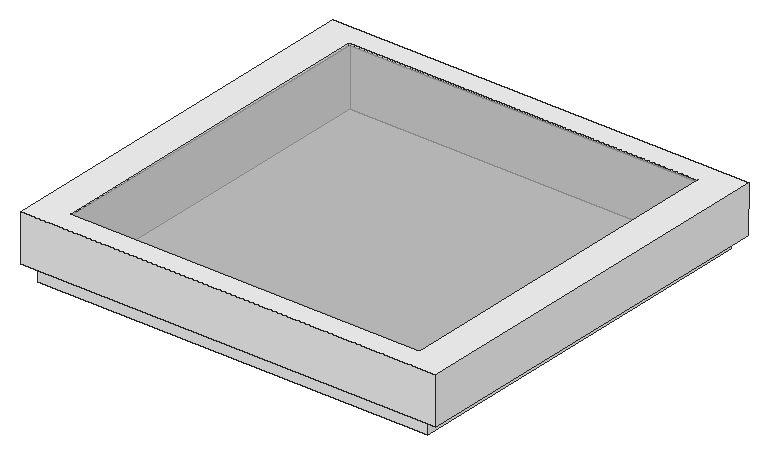
Revit family "2059435 Lighting Fixture_Sylvania_Lytepanel II-Surface 600x600_Surface Mounted", category Lighting Fixtures, host Face, Revit 2017
Family settings
  Host = Face
  Round Connector Dimension = Use Diameter
  Part Type = Normal
  OmniClass Number = 23.80.70.11.17
  OmniClass Title = Specialized Lighting by Location or Use
  Cut with Voids When Loaded = No
  Light Source = Yes
  Shared = No
  Room Calculation Point = No
Parameters (values of type "LYTEPANEL II 600 4K DALI EM SM")
  Width = 610.0 mm
  Weight = 7.6 kg
  Wattage Comments = ""
  Wattage = 5.54354 W
  built-in parameter 1150110 = 1 (stored number, unit not read)
  Voltage Comments = "UNI ( Universal Voltage; 220-240 Volt )"  # constant formula
  Voltage = 230 V  # constant formula
  URL = "http://www.sylvania-lighting.com"
  built-in parameter 1114217 = 1 (stored number, unit not read)
  Tilt Angle = -90.00°
  built-in parameter 1150109 = 1 (stored number, unit not read)
  built-in parameter 1150134 = 12
  built-in parameter 1150113 = 1 (stored number, unit not read)
  Reflector Material = Metal_Sylvania_Lytepanel II_Silver
  Product Page URL = "http://www.sylvania-lighting.com/product/en-int/products/2059435"
  Product Family = "LYTEPANEL II SURFACE 600x600"  # constant formula
  Photometry Comments = ""
  Photometric Web File = "2059435_LYTEPANELII6004KDALIEMSM-208722.ies"
  Life = "50 000h"  # constant formula
  Length = 650.0 mm
  LOR = "100%"  # constant formula
  IP Rating = "IP40"  # constant formula
  IK Rating = "IK02"  # constant formula
  Glare Control = "UGR<18"
  Electrical Protection = "CLASS I"  # constant formula
  Dimming Range = "1%-100%"
  CRI ( Ra ) = 80  # constant formula
  Body Material = Steel_Sylvania_Lytepanel II_White
  Height = 95.0 mm
  Glow Wire Test = 650 °C  # constant formula
  Energy Class = "A++,A+, A"  # constant formula
  Emit from Rectangle Width = Width - 64.0 mm  # 546.0 mm
  Emit from Rectangle Length = Length - 104.0 mm  # 546.0 mm
  Emit Shape Visible in Rendering = no
  Drive Current = "275mA"
  Diffuser Material = Polycarbonate_Sylvania_Lytepanel II
  Created by = "Feilo Sylvania"  # constant formula
  built-in parameter 1114216 [instance] = 1 (stored number, unit not read)
  Model = "LYTEPANEL II 600 4K DALI EM SM"
  Manufacturer = "Feilo Sylvania"
  built-in parameter 1150105 = 266.36 (stored number, unit not read)
  Lumens = 641 lm
  built-in parameter 1150115 = 1 (stored number, unit not read)
  built-in parameter 1150137 = (empty or 0)
  built-in parameter 1150139 = (empty or 0)
  built-in parameter 1150112 = 1 (stored number, unit not read)
  built-in parameter 1150114 = 1 (stored number, unit not read)
  Lamp = "Integrated LED"
  built-in parameter 1150132 = 2
  built-in parameter 1150102 = (empty or 0)
  built-in parameter 1150107 = 4000 (stored number, unit not read)
  built-in parameter 1150138 = (empty or 0)
  built-in parameter 1150106 = 2.6636 (stored number, unit not read)
  built-in parameter 1150104 = 10.742 (stored number, unit not read)
  Dimming Lamp Color Temperature Shift = <None>
  Description = "Architectural flat panel with even homogenous light distribution. Lay-in for 600 x 600 & 1200 x 300 exposed T bar grid systems with SAS330/SAS330G versions available. Up to 4640 fixture lumens. Up to 145 lumens per watt effi ciency. Uses new highly transmissive LED diffuser material. Low glare version with UGR <18"  # constant formula
  Default Elevation = 0.0 mm
  Color Filter = 16777215
  Catalog Number = "2059435 LYTEPANEL II 600 4K DALI EM SM"
  built-in parameter 1140040 [instance] = 1
  Beam Angle = 120.00°  # constant formula
  built-in parameter 1114218 = 1 (stored number, unit not read)
  built-in parameter 1150133 = 10 (stored number, unit not read)
  Assembly Code = "D5020200"
  Apparent Load Comments = ""
  Apparent Load = 35 VA
Reference planes
  plane 1 "Center (Front/Back)": y = 0
  plane 2 "Fixture Bottom": z = 95
  plane 3 "Center (Left/Right)": x = -27.322
  plane 4 "Fixture Left": x = -352.322
  plane 5 "Fixture Right": x = 297.678
  plane 6 "Fixture Back": y = 305
  plane 7 "Fixture Front": y = -305
  plane 8: y = 273
  plane 9: y = -273
  plane 10: x = 245.678
  plane 11: x = -300.322
  plane 12: z = 93
  plane 13: x = -350.322
  plane 14: x = 295.678
  plane 15: y = 303
  plane 16: y = -303
  plane 17: z = 21
  plane 18: z = 23
  plane 19: y = 296
  plane 20: y = -296
  plane 21: x = -332.322
  plane 22: x = 277.678
  plane 23: y = 294
  plane 24: y = -294
  plane 25: x = -330.322
  plane 26: x = 275.678
  plane 27: z = 2
  plane 28 "Reflector Bottom": z = 91
  plane 29: z = 89
  plane 30: x = -318.322
  plane 31: x = 263.678
  plane 32: y = 290
  plane 33: y = -290
  plane 34: x = -305.322
  plane 35: x = -303.322
  plane 36: x = 252.678
  plane 37: x = 248.678
  plane 38 "Reflector Top": z = 3
  plane 39 "Reflector Void Top": z = 5
  plane 40: y = 273
  plane 41: y = -273
  plane 42: x = -300.322
  plane 43: x = 245.678
  plane 44: x = -298.322
  plane 45: x = 243.678
  plane 46: y = 271
  plane 47: y = -271
  plane 48: y = 275
  plane 49: y = -275
  plane 50 "Fixture Top": z = 0
Forms (mm)
  Extrusion 1, solid, material "Steel_Sylvania_Lytepanel II_White" <- "Body Material", detail levels fine
    sketch origin (0, 0, 95) x (1, 0, 0) y (0, 1, 0)
      loop
        line (-352.322, 305) -> (-352.322, -305) -> (297.678, -305) -> (297.678, 305) -> (-352.322, 305)
      loop
        line (-300.322, 270) -> (-300.322, -270)
        arc (-300.322, -270) -> (-299.444, -272.121) -> (-297.322, -273) r 3
        line (-297.322, -273) -> (242.678, -273)
        arc (242.678, -273) -> (244.799, -272.121) -> (245.678, -270) r 3
        line (245.678, -270) -> (245.678, 270)
        arc (245.678, 270) -> (244.799, 272.121) -> (242.678, 273) r 3
        line (242.678, 273) -> (-297.322, 273)
        arc (-297.322, 273) -> (-299.444, 272.121) -> (-300.322, 270) r 3
    from -2 to 0
  Extrusion 2, solid, material "Steel_Sylvania_Lytepanel II_White" <- "Body Material", detail levels fine
    sketch origin (0, 0, 95) x (1, 0, 0) y (0, 1, 0)
      loop
        line (-352.322, 305) -> (-352.322, -305) -> (297.678, -305) -> (297.678, 305) -> (-352.322, 305)
      loop
        line (295.678, 303) -> (-350.322, 303) -> (-350.322, -303) -> (295.678, -303) -> (295.678, 303)
    from -72 to -2
  Extrusion 3, solid, material "Steel_Sylvania_Lytepanel II_White" <- "Body Material", detail levels fine
    sketch origin (0, 0, 95) x (1, 0, 0) y (0, 1, 0)
      loop
        line (-352.322, 305) -> (-352.322, -305) -> (297.678, -305) -> (297.678, 305) -> (-352.322, 305)
      loop
        line (-332.322, 296) -> (-332.322, -296) -> (277.678, -296) -> (277.678, 296) -> (-332.322, 296)
    from -74 to -72
  Extrusion 4, solid, material "Steel_Sylvania_Lytepanel II_White" <- "Body Material", detail levels fine
    sketch origin (0, 0, 95) x (1, 0, 0) y (0, 1, 0)
      loop
        line (277.678, 294) -> (277.678, 296) -> (-332.322, 296) -> (-332.322, 294) -> (277.678, 294)
      loop
        line (-332.322, -294) -> (-332.322, -296) -> (277.678, -296) -> (277.678, -294) -> (-332.322, -294)
    from -93 to -6
  Extrusion 5, solid, material "Steel_Sylvania_Lytepanel II_White" <- "Body Material", detail levels fine
    sketch origin (0, 0, 95) x (1, 0, 0) y (0, 1, 0)
      loop
        line (-330.322, 294) -> (-332.322, 294) -> (-332.322, -294) -> (-330.322, -294) -> (-330.322, 294)
      loop
        line (277.678, 294) -> (275.678, 294) -> (275.678, -294) -> (277.678, -294) -> (277.678, 294)
    from -93 to -72
  Extrusion 6, solid, material "Steel_Sylvania_Lytepanel II_White" <- "Body Material", detail levels fine
    sketch origin (0, 0, 95) x (1, 0, 0) y (0, 1, 0)
      loop
        line (-332.322, 296) -> (-332.322, -296) -> (277.678, -296) -> (277.678, 296) -> (-332.322, 296)
    from -95 to -93
  Extrusion 7, solid, material "Steel_Sylvania_Lytepanel II_White" <- "Body Material", detail levels fine
    sketch origin (0, 0, 95) x (1, 0, 0) y (0, 1, 0)
      loop
        line (-332.322, 296) -> (-332.322, 275) -> (277.678, 275) -> (277.678, 296) -> (-332.322, 296)
      loop
        line (-332.322, -296) -> (277.678, -296) -> (277.678, -275) -> (-332.322, -275) -> (-332.322, -296)
    from -6 to -4
  Extrusion 8, solid, material "Polycarbonate_Sylvania_Lytepanel II" <- "Diffuser Material", detail levels fine
    sketch origin (0, 0, 95) x (1, 0, 0) y (0, 1, 0)
      loop
        line (-318.322, 290) -> (-318.322, -290) -> (263.678, -290) -> (263.678, 290) -> (-318.322, 290)
    from -4 to -2
  Blend 9, solid, material "Metal_Sylvania_Lytepanel II_Silver" <- "Reflector Material", detail levels fine
    base sketch origin (0, 0, 91) x (-1, 0, 0) y (0, -1, 0)
      loop
        line (-248.678, -275) -> (303.322, -275) -> (303.322, 275) -> (-248.678, 275) -> (-248.678, -275)
    top sketch origin (0, 0, 3) x (-1, 0, 0) y (0, -1, 0)
      loop
        line (300.322, -273) -> (300.322, 273) -> (-245.678, 273) -> (-245.678, -273) -> (300.322, -273)
    from 0 to 0
  Blend 10, void
    base sketch origin (0, 0, 91) x (-1, 0, 0) y (0, -1, 0)
      loop
        line (300.322, -273) -> (300.322, 273) -> (-245.678, 273) -> (-245.678, -273) -> (300.322, -273)
    top sketch origin (0, 0, 5) x (-1, 0, 0) y (0, -1, 0)
      loop
        line (298.322, -271) -> (298.322, 271) -> (-243.678, 271) -> (-243.678, -271) -> (298.322, -271)
    from 0 to 0
  Extrusion 11, solid, material "Steel_Sylvania_Lytepanel II_White" <- "Body Material", detail levels coarse+medium
    sketch origin (0, 0, 5) x (-1, 0, 0) y (0, -1, 0)
      loop
        line (352.322, -305) -> (352.322, 305) -> (-297.678, 305) -> (-297.678, -305) -> (352.322, -305)
    from 16 to 90
  Extrusion 12, solid, material "Steel_Sylvania_Lytepanel II_White" <- "Body Material", detail levels coarse+medium
    sketch origin (0, 0, 5) x (-1, 0, 0) y (0, -1, 0)
      loop
        line (332.322, -296) -> (332.322, 296) -> (-277.678, 296) -> (-277.678, -296) -> (332.322, -296)
    from -5 to 16
Cuts and joins
  Blend 10 cuts Blend 9
  joined: Extrusion 1, Extrusion 2, Extrusion 3
  joined: Extrusion 4, Extrusion 5, Extrusion 6, Extrusion 7
Dimensions and locks
  "Height": plane 2 "Fixture Bottom" to level
  "Length": plane 4 "Fixture Left" to plane 5 "Fixture Right"
  equal spacing: plane 6 "Fixture Back", plane 1 "Center (Front/Back)", plane 7 "Fixture Front"
  "Width": plane 6 "Fixture Back" to plane 7 "Fixture Front"
  plane 18 to plane 17 to plane 39 "Reflector Void Top" to plane 38 "Reflector Top" to plane 27 to level = 2.0 mm locked, 16.0 mm locked, 2.0 mm locked, 1.0 mm locked, 2.0 mm locked
  plane 2 "Fixture Bottom" to plane 12 to plane 28 "Reflector Bottom" to plane 29 = 2.0 mm locked, 2.0 mm locked, 2.0 mm locked
  plane 6 "Fixture Back" to plane 15 to plane 19 to plane 23 to plane 32 to plane 48 to plane 40 to plane 46 = 2.0 mm locked, 7.0 mm locked, 2.0 mm locked, 4.0 mm locked, 15.0 mm locked, 2.0 mm locked, 2.0 mm locked
  plane 7 "Fixture Front" to plane 16 to plane 20 to plane 24 to plane 33 to plane 49 to plane 41 to plane 47 = 2.0 mm locked, 7.0 mm locked, 2.0 mm locked, 4.0 mm locked, 15.0 mm locked, 2.0 mm locked, 2.0 mm locked
  plane 4 "Fixture Left" to plane 13 to plane 21 to plane 25 to plane 30 to plane 34 to plane 35 to plane 42 to plane 44 = 2.0 mm locked, 18.0 mm locked, 2.0 mm locked, 12.0 mm locked, 13.0 mm locked, 2.0 mm locked, 3.0 mm locked, 2.0 mm locked
  plane 45 to plane 43 to plane 37 to plane 36 to plane 31 to plane 26 to plane 22 to plane 14 to plane 5 "Fixture Right" = 2.0 mm locked, 3.0 mm locked, 4.0 mm locked, 11.0 mm locked, 12.0 mm locked, 2.0 mm locked, 18.0 mm locked, 2.0 mm locked
  equal spacing: plane 4 "Fixture Left", plane 3 "Center (Left/Right)", plane 5 "Fixture Right"
  aligned and locked: host face to level
  aligned and locked: plane 2 "Fixture Bottom" to imposter light
  aligned and locked: Extrusion 1 sketch curve to plane 4 "Fixture Left"
  aligned and locked: Extrusion 1 sketch curve to plane 6 "Fixture Back"
  aligned and locked: plane 5 "Fixture Right" to Extrusion 1 sketch curve
  aligned and locked: plane 7 "Fixture Front" to Extrusion 1 sketch curve
  aligned and locked: Extrusion 1 sketch curve to plane 11
  aligned and locked: Extrusion 1 sketch curve to plane 8
  aligned and locked: plane 10 to Extrusion 1 sketch curve
  aligned and locked: plane 9 to Extrusion 1 sketch curve
  aligned and locked: Extrusion 1 to plane 12
  aligned and locked: plane 2 "Fixture Bottom" to Extrusion 1
  aligned and locked: Extrusion 2 sketch curve to plane 4 "Fixture Left"
  aligned and locked: plane 5 "Fixture Right" to Extrusion 2 sketch curve
  aligned and locked: Extrusion 2 sketch curve to plane 6 "Fixture Back"
  aligned and locked: plane 7 "Fixture Front" to Extrusion 2 sketch curve
  aligned and locked: plane 14 to Extrusion 2 sketch curve
  aligned and locked: Extrusion 2 sketch curve to plane 13
  aligned and locked: plane 16 to Extrusion 2 sketch curve
  aligned and locked: Extrusion 2 sketch curve to plane 15
  aligned and locked: plane 12 to Extrusion 2
  aligned and locked: Extrusion 2 to plane 18
  aligned and locked: Extrusion 3 sketch curve to plane 4 "Fixture Left"
  aligned and locked: Extrusion 3 sketch curve to plane 21
  aligned and locked: plane 5 "Fixture Right" to Extrusion 3 sketch curve
  aligned and locked: plane 22 to Extrusion 3 sketch curve
  aligned and locked: Extrusion 3 sketch curve to plane 6 "Fixture Back"
  aligned and locked: Extrusion 3 sketch curve to plane 19
  aligned and locked: plane 7 "Fixture Front" to Extrusion 3 sketch curve
  aligned and locked: plane 20 to Extrusion 3 sketch curve
  aligned and locked: Extrusion 3 to plane 17
  aligned and locked: plane 18 to Extrusion 3
  aligned and locked: Extrusion 4 sketch curve to plane 19
  aligned and locked: Extrusion 4 sketch curve to plane 21  (x2)
  aligned and locked: plane 22 to Extrusion 4 sketch curve  (x2)
  aligned and locked: plane 20 to Extrusion 4 sketch curve
  aligned and locked: plane 24 to Extrusion 4 sketch curve
  aligned and locked: plane 23 to Extrusion 4 sketch curve
  aligned and locked: Extrusion 5 sketch curve to plane 25
  aligned and locked: Extrusion 5 sketch curve to plane 21
  aligned and locked: plane 22 to Extrusion 5 sketch curve
  aligned and locked: plane 26 to Extrusion 5 sketch curve
  aligned and locked: Extrusion 5 sketch curve to plane 23
  aligned and locked: plane 24 to Extrusion 5 sketch curve
  aligned and locked: Extrusion 4 to plane 27
  aligned and locked: Extrusion 5 to plane 27
  aligned and locked: Extrusion 6 sketch curve to plane 21
  aligned and locked: plane 22 to Extrusion 6 sketch curve
  aligned and locked: Extrusion 6 sketch curve to plane 19
  aligned and locked: plane 20 to Extrusion 6 sketch curve
  aligned and locked: plane 27 to Extrusion 6
  aligned and locked: Extrusion 6 to level
  aligned and locked: plane 18 to Extrusion 5
  aligned and locked: Extrusion 7 sketch curve to plane 19
  aligned and locked: plane 20 to Extrusion 7 sketch curve
  aligned and locked: Extrusion 7 sketch curve to plane 21
  aligned and locked: plane 22 to Extrusion 7 sketch curve
  aligned and locked: Extrusion 8 sketch curve to plane 32
  aligned and locked: plane 30 to Extrusion 8 sketch curve
  aligned and locked: Extrusion 8 sketch curve to plane 33
  aligned and locked: plane 31 to Extrusion 8 sketch curve
  aligned and locked: Extrusion 8 to plane 28 "Reflector Bottom"
  aligned and locked: plane 12 to Extrusion 8
  aligned and locked: plane 28 "Reflector Bottom" to Extrusion 7
  aligned and locked: Extrusion 7 to plane 29
  aligned and locked: plane 29 to Extrusion 4
  aligned and locked: plane 37 to Blend 9 sketch curve
  aligned and locked: Blend 9 sketch curve to plane 35
  aligned and locked: Blend 9 sketch curve to plane 40
  aligned and locked: Blend 9 sketch curve to plane 42
  aligned and locked: plane 43 to Blend 9 sketch curve
  aligned and locked: plane 41 to Blend 9 sketch curve
  aligned and locked: plane 38 "Reflector Top" to Blend 9
  aligned and locked: plane 28 "Reflector Bottom" to Blend 9
  aligned and locked: Blend 10 sketch curve to plane 42
  aligned and locked: Blend 10 sketch curve to plane 40
  aligned and locked: plane 43 to Blend 10 sketch curve
  aligned and locked: plane 41 to Blend 10 sketch curve
  aligned and locked: Blend 10 sketch curve to plane 44
  aligned and locked: Blend 10 sketch curve to plane 46
  aligned and locked: plane 45 to Blend 10 sketch curve
  aligned and locked: plane 47 to Blend 10 sketch curve
  aligned and locked: Blend 10 to plane 39 "Reflector Void Top"
  aligned and locked: plane 28 "Reflector Bottom" to Blend 10
  aligned and locked: Blend 9 sketch curve to plane 48
  aligned and locked: plane 49 to Blend 9 sketch curve
  aligned and locked: Extrusion 7 sketch curve to plane 48
  aligned and locked: plane 49 to Extrusion 7 sketch curve
  aligned and locked: plane 11 to plane 42
  aligned and locked: plane 8 to plane 40
  aligned and locked: plane 9 to plane 41
  aligned and locked: plane 10 to plane 43
  aligned and locked: plane 1 "Center (Front/Back)" to imposter light
  aligned and locked: imposter light to plane 3 "Center (Left/Right)"
  aligned and locked: Extrusion 11 sketch curve to plane 4 "Fixture Left"
  aligned and locked: Extrusion 11 sketch curve to plane 6 "Fixture Back"
  aligned and locked: plane 7 "Fixture Front" to Extrusion 11 sketch curve
  aligned and locked: plane 5 "Fixture Right" to Extrusion 11 sketch curve
  aligned and locked: plane 2 "Fixture Bottom" to Extrusion 11
  aligned and locked: Extrusion 11 to plane 17
  aligned and locked: Extrusion 12 sketch curve to cut or joined group of Extrusion 1, Extrusion 2, Extrusion 3  (x4)
  aligned and locked: plane 17 to Extrusion 12
  aligned and locked: Extrusion 12 to level
  aligned and locked: level to plane 50 "Fixture Top"
Automatic sketch dimensions
  host sketch curve to host sketch curve = 1874.119 mm
  host sketch curve to host sketch curve = 1731.672 mm
  plane 44 to Extrusion 1 sketch curve = 1.0 mm  (x2)
  Extrusion 1 sketch curve to plane 47 = 1.0 mm
  plane 45 to Extrusion 1 sketch curve = 1.0 mm
  plane 24 to Extrusion 5 sketch curve = 0.0 mm
  Extrusion 5 sketch curve to plane 23 = 0.0 mm
  Extrusion 7 sketch curve to plane 21 = 0.0 mm
  Extrusion 7 sketch curve to plane 22 = 0.0 mm
Connectors
  electrical at (-27.322, 0, 0), driven by "Voltage", driven by "Apparent Load"
    settings: on cut or joined group of Extrusion 4, Extrusion 5, Extrusion 6, Extrusion 7, index 1, voltage 230 V, apparent load 0 VA, apparent load phase1 35 VA, apparent load phase2 0 VA, apparent load phase3 0 VA, power factor 1, load classification "Lighting", number of poles 1, system type 31, power factor state 1, is connector primary yes, connector utility no, sub classification motor no, connector description ""
